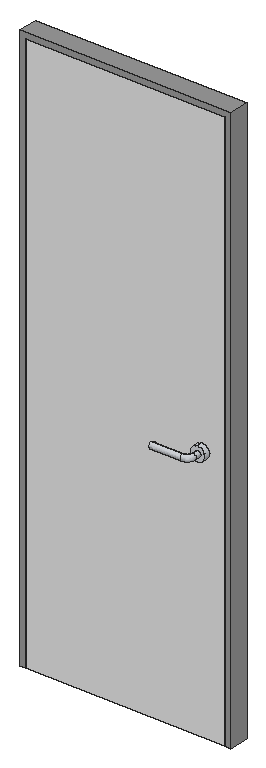
Revit family "- Square", category Doors, host Wall, Revit 2018
Family settings
  Host = Wall
  OmniClass Number = 23.30.10.00
  OmniClass Title = Doors
  Always vertical = Yes
  Cut with Voids When Loaded = No
  Shared = No
  Room Calculation Point = No
Parameters (values of type "- 70 x 200 cm")
  Set de Marcos = ""
  Relleno = ""
  Material Marco = - Perfil Aluminio
  Material Hoja = - HDF Prefinish
  Manilla = - Manilla
  Hojas = "Simple de Abatir"
  Function = Interior
  Frame Projection Ext. = 2.50 cm
  Frame Projection Int. = 2.50 cm
  Frame Width = 7.50 cm
  Height = 200.00 cm
  Wall Closure = By host
  Width = 74.00 cm
  Distancia a Cara Interior = 6.00 cm
  Bisagras = ""
  Ancho Hoja = Width - 4.00 cm  # 70.00 cm
  Ancho = Width  # 74.00 cm
  Analytic Construction = "<None>"
  Alto = Height  # 200.00 cm
Types (12, lengths in cm): name | Material Hoja | Height | Width | Ancho Hoja | Ancho | Alto
  - 70 x 200 cm | - HDF Prefinish | 200.00 | 74.00 | 70.00 | 74.00 | 200.00
  - 75 x 200 cm | none | 200.00 | 79.00 | 75.00 | 79.00 | 200.00
  - 80 x 200 cm | none | 200.00 | 84.00 | 80.00 | 84.00 | 200.00
  - 85 x 200 cm | none | 200.00 | 89.00 | 85.00 | 89.00 | 200.00
  - 90 x 200 cm | none | 200.00 | 94.00 | 90.00 | 94.00 | 200.00
  -100 x 200 cm | none | 200.00 | 104.00 | 100.00 | 104.00 | 200.00
  - 70 x 210 cm | none | 210.00 | 74.00 | 70.00 | 74.00 | 210.00
  - 75 x 210 cm | none | 210.00 | 79.00 | 75.00 | 79.00 | 210.00
  - 80 x 210 cm | none | 210.00 | 84.00 | 80.00 | 84.00 | 210.00
  - 85 x 210 cm | none | 210.00 | 89.00 | 85.00 | 89.00 | 210.00
  - 90 x 210 cm | - HDF Prefinish | 210.00 | 94.00 | 90.00 | 94.00 | 210.00
  - 100 x 210 cm | - HDF Siena | 210.00 | 104.00 | 100.00 | 104.00 | 210.00
Reference planes (cm)
  plane 1: y = 0
  plane 2 "Center (Left/Right)": x = 0
  plane 3 "Left": x = -37
  plane 4 "Right": x = 37
  plane 5: z = 200
  plane 6 "Exterior": y = 7.5
  plane 7 "Interior": y = -7.5
  plane 8: y = -1.5
  plane 9: z = 198
  plane 10: x = -35
  plane 11: x = 35
Forms (cm)
  Sweep 1, solid, material "- Perfil Aluminio" <- "Material Marco"
    path origin (0, 7.5, 0) x (1, 0, 0) y (0, 0, 1)
      loop
        line (37, 0) -> (37, 200) -> (-37, 200) -> (-37, 0)
    profile origin (37, 7.5, 100) x (-1, 0, 0) y (0, -1, 0)
      loop
        line (0, 2) -> (3, 2) -> (3, 4.3) -> (2, 4.3) -> (2, 9) -> (0, 9) -> (0, 2)
  Extrusion 2, solid, material "- HDF Prefinish" <- "Material Hoja"
    sketch origin (0, 0, 0) x (1, 0, 0) y (0, 1, 0)
      loop
        line (-35, -1.5) -> (35, -1.5) -> (35, 3) -> (-35, 3) -> (-35, -1.5)
    from 0 to 198
  Sweep 3, solid, material "- Manilla" <- "Manilla", not visible
    path origin (5.8483, -7.5601, 0) x (1, 0, 0) y (0, 1, 0)
      loop
        line (22.1517, 15.0613) -> (32.1517, 15.0613)
        arc (32.1517, 15.0613) -> (33.5659, 14.4756) -> (34.1517, 13.0613) r 2
        line (34.1517, 13.0613) -> (34.1517, 11.0613)
    profile origin (33, 7.5012, 0) x (0, 1, 0) y (0, 0, 1)
      loop
        circle (0, 90) r 1
  Extrusion 4, solid, material "- Manilla" <- "Manilla", not visible
    sketch origin (0, 7.5, 0) x (1, 0, 0) y (0, 0, 1)
      loop
        circle (40, 90) r 2.5
    from 3.9988 to 5
Lines and regions (cm)
  Opening 1
    outline origin (-305, -7.5, 0) x (1, 0, 0) y (0, 0, 1)
      loop
        line (268, 0) -> (342, 0) -> (342, 200) -> (268, 200) -> (268, 0)
  symbolic lines, style "Elevation Swing"
    curve 1: line (37, -7.5, 100) -> (-37, -7.5, 200)
    curve 2: line (37, -7.5, 100) -> (-37, -7.5, 0)
    curve 7: arc (-30.5, -71.5, 0) -> (16.4246, -49.6941, 0) -> (35.2596, -1.5001, 0) r 69.4706
  symbolic lines
    curve 3: line (-35, -1.5, 0) -> (-35, -71.5, 0)
    curve 4: line (-30.5, -1.5, 0) -> (-35, -1.5, 0)
    curve 5: line (-30.5, -71.5, 0) -> (-30.5, -1.5, 0)
    curve 6: line (-35, -71.5, 0) -> (-30.5, -71.5, 0)
  model lines, not visible
    curve 8: line (-20, 3, 25) -> (20, 3, 25)
    curve 9: line (-20, 3, 65) -> (-20, 3, 25)
    curve 10: line (20, 3, 65) -> (8.6603, 3, 65)
    curve 11: line (20, 3, 25) -> (20, 3, 65)
    curve 12: line (-20, 3, 75) -> (-8.6603, 3, 75)
    curve 13: line (-20, 3, 75) -> (-20, 3, 169.9666)
    curve 14: line (20, 3, 75) -> (20, 3, 169.9666)
    curve 15: arc (-8.6603, 3, 65) -> (0, 3, 60) -> (8.6603, 3, 65) r 10
    curve 16: line (8.6603, 3, 75) -> (20, 3, 75)
    curve 17: line (-8.6603, 3, 65) -> (-20, 3, 65)
    curve 18: arc (8.6603, 3, 75) -> (0, 3, 80) -> (-8.6603, 3, 75) r 10
    curve 19: arc (14.9666, 3, 175) -> (0, 3, 183) -> (-14.9666, 3, 175) r 18
    curve 20: arc (-20, 3, 169.9666) -> (-16.4409, 3, 171.4409) -> (-14.9666, 3, 175) r 5.0334
    curve 21: arc (14.9666, 3, 175) -> (16.4409, 3, 171.4409) -> (20, 3, 169.9666) r 5.0334
    curve 22: line (-9.2195, 3, 64) -> (-19, 3, 64)
    curve 23: line (-19, 3, 64) -> (-19, 3, 26)
    curve 24: arc (9.2195, 3, 64) -> (0, 3, 59) -> (-9.2195, 3, 64) r 11
    curve 25: line (19, 3, 64) -> (9.2195, 3, 64)
    curve 26: line (19, 3, 26) -> (19, 3, 64)
    curve 27: line (-19, 3, 26) -> (19, 3, 26)
    curve 28: line (-18.9928, 3, 168.9932) -> (-18.9928, 3, 76)
    curve 29: arc (-13.9941, 3, 174.9045) -> (-15.4113, 3, 171.0338) -> (-18.9928, 3, 168.9932) r 5.9946
    curve 30: arc (13.9971, 3, 174.7848) -> (0.0327, 3, 182.1538) -> (-13.9941, 3, 174.9045) r 17.0542
    curve 31: arc (19, 3, 169.1276) -> (15.4988, 3, 171.072) -> (13.9971, 3, 174.7848) r 6.0089
    curve 32: line (19, 3, 76) -> (19, 3, 169.1276)
    curve 33: line (9.2195, 3, 76) -> (19, 3, 76)
    curve 34: arc (-9.2195, 3, 76) -> (0, 3, 81) -> (9.2195, 3, 76) r 11
    curve 35: line (-18.9928, 3, 76) -> (-9.2195, 3, 76)
    curve 36: arc (12.052, 3, 174.0667) -> (0.0498, 3, 180.1537) -> (-12.0243, 3, 174.2107) r 15.0542
    curve 37: arc (-12.0243, 3, 174.2107) -> (-13.561, 3, 170.1508) -> (-16.9928, 3, 167.4925) r 7.9946
    curve 38: line (-16.9928, 3, 167.4925) -> (-16.9928, 3, 78)
    curve 39: line (17, 3, 78) -> (17, 3, 167.6269)
    curve 40: arc (17, 3, 167.6269) -> (13.6492, 3, 170.1731) -> (12.052, 3, 174.0667) r 8.0089
    curve 41: line (-16.9928, 3, 78) -> (-10.247, 3, 78)
    curve 42: arc (-10.247, 3, 78) -> (0, 3, 83) -> (10.247, 3, 78) r 13
    curve 43: line (10.247, 3, 78) -> (17, 3, 78)
    curve 44: line (-10.247, 3, 62) -> (-17, 3, 62)
    curve 45: arc (10.247, 3, 62) -> (0, 3, 57) -> (-10.247, 3, 62) r 13
    curve 46: line (17, 3, 62) -> (10.247, 3, 62)
    curve 47: line (17, 3, 28) -> (17, 3, 62)
    curve 48: line (-17, 3, 28) -> (17, 3, 28)
    curve 49: line (-17, 3, 62) -> (-17, 3, 28)
    curve 50: line (-314, -1.5, 25) -> (-274, -1.5, 25)
    curve 51: line (-314, -1.5, 65) -> (-314, -1.5, 25)
    curve 52: line (-274, -1.5, 25) -> (-274, -1.5, 65)
    curve 53: line (-314, -1.5, 70) -> (-274, -1.5, 70)
    curve 54: line (-314, -1.5, 70) -> (-314, -1.5, 87)
    curve 55: line (-274, -1.5, 70) -> (-274, -1.5, 87)
    curve 56: line (-274, -1.5, 65) -> (-314, -1.5, 65)
    curve 57: line (-275, -1.5, 64) -> (-313, -1.5, 64)
    curve 58: line (-313, -1.5, 64) -> (-313, -1.5, 26)
    curve 59: line (-275, -1.5, 26) -> (-275, -1.5, 64)
    curve 60: line (-313, -1.5, 26) -> (-275, -1.5, 26)
    curve 61: line (-312.9928, -1.5, 86) -> (-312.9928, -1.5, 71)
    curve 62: line (-275, -1.5, 71) -> (-275, -1.5, 86)
    curve 63: line (-312.9928, -1.5, 71) -> (-275, -1.5, 71)
    curve 64: line (-310.9928, -1.5, 84) -> (-310.9928, -1.5, 73)
    curve 65: line (-277, -1.5, 73) -> (-277, -1.5, 84)
    curve 66: line (-310.9928, -1.5, 73) -> (-277, -1.5, 73)
    curve 67: line (-277, -1.5, 62) -> (-311, -1.5, 62)
    curve 68: line (-277, -1.5, 28) -> (-277, -1.5, 62)
    curve 69: line (-311, -1.5, 28) -> (-277, -1.5, 28)
    curve 70: line (-311, -1.5, 62) -> (-311, -1.5, 28)
    curve 71: line (-310.9928, -1.5, 84) -> (-277, -1.5, 84)
    curve 72: line (-314, -1.5, 87) -> (-274, -1.5, 87)
    curve 73: line (-312.9928, -1.5, 86) -> (-275, -1.5, 86)
    curve 74: line (-310.9928, -1.5, 84) -> (-277, -1.5, 84)
    curve 75: line (-314, -1.5, 97) -> (-274, -1.5, 97)
    curve 76: line (-314, -1.5, 185) -> (-314, -1.5, 97)
    curve 77: line (-274, -1.5, 97) -> (-274, -1.5, 185)
    curve 78: line (-274, -1.5, 185) -> (-314, -1.5, 185)
    curve 79: line (-275, -1.5, 184) -> (-313, -1.5, 184)
    curve 80: line (-313, -1.5, 184) -> (-313, -1.5, 98)
    curve 81: line (-275, -1.5, 98) -> (-275, -1.5, 184)
    curve 82: line (-313, -1.5, 98) -> (-275, -1.5, 98)
    curve 83: line (-277, -1.5, 182) -> (-311, -1.5, 182)
    curve 84: line (-277, -1.5, 100) -> (-277, -1.5, 182)
    curve 85: line (-311, -1.5, 100) -> (-277, -1.5, 100)
    curve 86: line (-311, -1.5, 182) -> (-311, -1.5, 100)
    curve 87: line (-320, 3, 25) -> (-280, 3, 25)
    curve 88: line (-320, 3, 65) -> (-320, 3, 25)
    curve 89: line (-280, 3, 25) -> (-280, 3, 65)
    curve 90: line (-320, 3, 72.5) -> (-280, 3, 72.5)
    curve 91: line (-280, 3, 65) -> (-320, 3, 65)
    curve 92: line (-281, 3, 64) -> (-319, 3, 64)
    curve 93: line (-319, 3, 64) -> (-319, 3, 26)
    curve 94: line (-281, 3, 26) -> (-281, 3, 64)
    curve 95: line (-319, 3, 26) -> (-281, 3, 26)
    curve 96: line (-319, 3, 73.5) -> (-281, 3, 73.5)
    curve 97: line (-317, 3, 75.5) -> (-283, 3, 75.5)
    curve 98: line (-283, 3, 62) -> (-317, 3, 62)
    curve 99: line (-283, 3, 28) -> (-283, 3, 62)
    curve 100: line (-317, 3, 28) -> (-283, 3, 28)
    curve 101: line (-317, 3, 62) -> (-317, 3, 28)
    curve 102: line (-320, 3, 179.3431) -> (-320, 3, 72.5)
    curve 103: line (-280, 3, 72.5) -> (-280, 3, 179.3431)
    curve 104: line (-319, 3, 178.3431) -> (-319, 3, 73.5)
    curve 105: line (-281, 3, 73.5) -> (-281, 3, 178.3431)
    curve 106: line (-283, 3, 75.5) -> (-283, 3, 176.3431)
    curve 107: line (-317, 3, 176.3431) -> (-317, 3, 75.5)
    curve 108: arc (-292, 3, 181) -> (-300, 3, 185) -> (-308, 3, 181) r 10
    curve 109: arc (-292, 3, 181) -> (-290.1648, 3, 179.7737) -> (-288, 3, 179.3431) r 5.6569
    curve 110: arc (-308, 3, 181) -> (-309.8352, 3, 179.7737) -> (-312, 3, 179.3431) r 5.6569
    curve 111: line (-288, 3, 179.3431) -> (-280, 3, 179.3431)
    curve 112: line (-312, 3, 179.3431) -> (-320, 3, 179.3431)
    curve 113: line (-281, 3, 178.3431) -> (-288, 3, 178.3431)
    curve 114: arc (-288, 3, 178.3431) -> (-290.5825, 3, 178.8645) -> (-292.7604, 3, 180.3468) r 6.6569
    curve 115: arc (-292.7604, 3, 180.3468) -> (-300, 3, 184) -> (-307.2396, 3, 180.3468) r 9
    curve 116: arc (-307.2396, 3, 180.3468) -> (-309.4175, 3, 178.8645) -> (-312, 3, 178.3431) r 6.6569
    curve 117: line (-312, 3, 178.3431) -> (-319, 3, 178.3431)
    curve 118: line (-283, 3, 176.3431) -> (-288, 3, 176.3431)
    curve 119: arc (-288, 3, 176.3431) -> (-291.43, 3, 177.0516) -> (-294.2985, 3, 179.0611) r 8.6569
    curve 120: arc (-294.2985, 3, 179.0611) -> (-300, 3, 182) -> (-305.7015, 3, 179.0611) r 7
    curve 121: arc (-305.7015, 3, 179.0611) -> (-308.57, 3, 177.0516) -> (-312, 3, 176.3431) r 8.6569
    curve 122: line (-312, 3, 176.3431) -> (-317, 3, 176.3431)
    curve 130: line (300, -1.5, 25) -> (344, -1.5, 25)
    curve 131: line (300, -1.5, 65) -> (300, -1.5, 25)
    curve 132: line (344, -1.5, 25) -> (344, -1.5, 65)
    curve 133: line (300, -1.5, 77.5) -> (344, -1.5, 77.5)
    curve 134: line (344, -1.5, 65) -> (300, -1.5, 65)
    curve 135: line (300, -1.5, 185) -> (300, -1.5, 77.5)
    curve 136: line (344, -1.5, 77.5) -> (344, -1.5, 185)
    curve 144: line (304, 3, 25) -> (348, 3, 25)
    curve 145: line (304, 3, 65) -> (304, 3, 25)
    curve 146: line (348, 3, 25) -> (348, 3, 65)
    curve 147: line (304, 3, 77.5) -> (348, 3, 77.5)
    curve 148: line (348, 3, 65) -> (304, 3, 65)
    curve 149: line (304, 3, 185) -> (304, 3, 77.5)
    curve 150: line (348, 3, 77.5) -> (348, 3, 185)
    curve 152: line (348, 3, 185) -> (304, 3, 185)
    curve 154: line (300, -1.5, 185) -> (344, -1.5, 185)
  model lines
    curve 123: line (-22, -1.5, 25) -> (22, -1.5, 25)
    curve 124: line (-22, -1.5, 65) -> (-22, -1.5, 25)
    curve 125: line (22, -1.5, 25) -> (22, -1.5, 65)
    curve 126: line (-22, -1.5, 77.5) -> (22, -1.5, 77.5)
    curve 127: line (22, -1.5, 65) -> (-22, -1.5, 65)
    curve 128: line (-22, -1.5, 185) -> (-22, -1.5, 77.5)
    curve 129: line (22, -1.5, 77.5) -> (22, -1.5, 185)
    curve 137: line (-22, 3, 25) -> (22, 3, 25)
    curve 138: line (-22, 3, 65) -> (-22, 3, 25)
    curve 139: line (22, 3, 25) -> (22, 3, 65)
    curve 140: line (-22, 3, 77.5) -> (22, 3, 77.5)
    curve 141: line (22, 3, 65) -> (-22, 3, 65)
    curve 142: line (-22, 3, 185) -> (-22, 3, 77.5)
    curve 143: line (22, 3, 77.5) -> (22, 3, 185)
    curve 151: line (22, 3, 185) -> (-22, 3, 185)
    curve 153: line (-22, -1.5, 185) -> (22, -1.5, 185)
Text (cm)
  text "Exterior" at (-229.5016, 109.9543, 0), in view "Ref. Level"
  text "Exterior" at (0, 161.538, 369.8081), in view "Left"
  text "Exterior" at (0, 103.6032, 387.4932), in view "Right"
Dimensions and locks (cm)
  equal spacing: plane 3 "Left", plane 2 "Center (Left/Right)", plane 4 "Right"
  "Width": plane 3 "Left" to plane 4 "Right"
  "Height": plane 5 to host wall
  equal spacing: host wall, curve 2, plane 5
  host wall to plane 5 = 200.00 cm
  locked: plane 6 "Exterior" to host wall at 0
  locked: plane 7 "Interior" to host wall
  "Distancia a Cara Interior": plane 7 "Interior" to plane 8
  locked: Sweep 1 sketch curve to Sweep 1 sketch curve at 7
  locked: plane 9 to plane 5 at 2
  locked: curve 3 to curve 5 at 4.5
  locked: plane 3 "Left" to plane 10 at 2
  locked: plane 11 to plane 4 "Right" at 2
  "Ancho Hoja": curve 6 to curve 4
  locked: Extrusion 2 sketch curve to Extrusion 2 sketch curve at 4.5
  locked: nested 1 to plane 4 "Right" at 10
  level to nested 1 = 90.00 cm
  locked: nested 2 to plane 4 "Right" at 10
  locked: nested 2 to level at 90
  locked: Sweep 1 sketch curve to Sweep 1 sketch curve at 2.3
  locked: curve 125 to plane 2 "Center (Left/Right)" at 22
  locked: plane 2 "Center (Left/Right)" to curve 138 at 22
  locked: Extrusion 2 to curve 151 at 185
  locked: curve 153 to Extrusion 2 at 185
  aligned and locked: plane 3 "Left" to Opening 1 sketch curve
  aligned and locked: plane 5 to Opening 1 sketch curve  (x2)
  aligned and locked: Opening 1 sketch curve to plane 4 "Right"
  aligned and locked: Opening 1 sketch curve to level
  aligned and locked: plane 5 to curve 1
  aligned and locked: plane 3 "Left" to curve 2
  aligned and locked: plane 1 to host wall
  aligned and locked: plane 3 "Left" to curve 1
  aligned and locked: plane 8 to Sweep 1 sketch curve
  aligned and locked: Extrusion 2 sketch curve to plane 8
  aligned and locked: Sweep 1 to level
  aligned and locked: plane 10 to curve 3
  aligned and locked: Sweep 3 to Extrusion 4
  aligned and locked: Extrusion 2 to plane 9
Automatic sketch dimensions
  plane 4 "Right" to curve 2 = 0.00 cm
  curve 2 to level = 0.00 cm
  plane 3 "Left" to Sweep 1 sketch curve = 0.00 cm
  plane 4 "Right" to Sweep 1 sketch curve = 0.00 cm
  Sweep 1 sketch curve to level = 0.00 cm  (x2)
  Sweep 1 sketch curve to plane 5 = 0.00 cm
  Sweep 1 sketch curve to profile plane = 0.00 cm
  Sweep 1 sketch curve to profile plane = 2.00 cm
  Sweep 1 sketch curve to Sweep 1 sketch curve = 1.00 cm
  curve 7 to plane 8 = 0.0001 cm
  curve 7 to plane 11 = 0.2596 cm
  curve 4 to plane 8 = 0.00 cm
  curve 7 to plane 10 = 0.7919 cm
  Sweep 3 sketch curve to Sweep 3 sketch curve = 10.00 cm
  Sweep 3 sketch curve to Sweep 3 sketch curve = 2.00 cm  (x2)
  Sweep 3 sketch curve to profile plane = 0.00 cm
  profile plane to Sweep 3 sketch curve = 90.00 cm
  Extrusion 2 sketch curve to plane 10 = 0.00 cm
  Extrusion 2 sketch curve to plane 11 = 0.00 cm
  curve 15 to curve 18 = 0.00 cm  (x4)
  curve 15 to curve 24 = 0.00 cm  (x4)
  curve 15 to curve 34 = 0.00 cm  (x4)
  curve 15 to curve 42 = 0.00 cm  (x4)
  curve 15 to curve 45 = 0.00 cm  (x4)
  curve 29 to curve 37 = 0.00 cm  (x4)
  curve 30 to curve 36 = 0.00 cm  (x4)
  curve 31 to curve 40 = 0.00 cm  (x4)
  curve 8 to curve 31 = 0.00 cm
  curve 21 to curve 31 = 0.00 cm
  curve 14 to curve 32 = 1.00 cm
  curve 10 to curve 26 = 1.00 cm
  curve 26 to curve 47 = 2.00 cm
  curve 32 to curve 39 = 2.00 cm
  curve 46 to curve 46 = 6.753 cm
  curve 39 to curve 43 = 6.753 cm
  curve 42 to curve 33 = 1.0274 cm
  curve 45 to curve 25 = 1.0274 cm
  curve 33 to curve 16 = 0.5593 cm
  curve 24 to curve 10 = 0.5593 cm
  curve 16 to curve 24 = 8.6603 cm
  curve 39 to curve 19 = 17.00 cm
  curve 19 to curve 36 = 0.0402 cm
  curve 15 to curve 12 = 8.6603 cm
  curve 15 to curve 17 = 8.6603 cm
  curve 15 to curve 22 = 0.5593 cm
  curve 12 to curve 35 = 0.5593 cm
  curve 22 to curve 44 = 1.0274 cm
  curve 34 to curve 41 = 1.0274 cm
  curve 41 to curve 38 = 6.7459 cm
  curve 47 to curve 48 = 34.00 cm
  curve 38 to curve 35 = 2.00 cm
  curve 44 to curve 22 = 2.00 cm
  curve 28 to curve 29 = 0.9959 cm
  curve 29 to curve 20 = 0.0113 cm
  curve 22 to curve 17 = 1.00 cm
  curve 8 to curve 26 = 1.00 cm
  curve 23 to curve 49 = 2.00 cm
  curve 48 to curve 49 = 34.00 cm
  curve 45 to curve 25 = 2.00 cm
  curve 25 to curve 10 = 1.00 cm
  curve 10 to curve 45 = 5.00 cm
  curve 10 to curve 16 = 10.00 cm
  curve 12 to curve 35 = 1.00 cm
  curve 34 to curve 41 = 2.00 cm
  curve 41 to curve 19 = 87.00 cm
  curve 19 to curve 30 = 0.0997 cm
  curve 36 to curve 38 = 2.3928 cm
  curve 19 to curve 39 = 2.6269 cm
  curve 37 to curve 28 = 1.5007 cm
  curve 39 to curve 32 = 1.5007 cm
  curve 28 to curve 13 = 0.9734 cm
  curve 31 to curve 14 = 0.839 cm
  curve 13 to curve 29 = 4.9378 cm
  curve 29 to curve 20 = 0.0955 cm
  curve 21 to curve 40 = 0.0527 cm
  curve 31 to curve 36 = 1.9451 cm
  curve 55 to curve 62 = 1.4142 cm
  curve 59 to curve 68 = 2.8284 cm
  curve 62 to curve 65 = 2.8284 cm
  curve 53 to curve 63 = 1.4142 cm
  curve 57 to curve 67 = 2.8284 cm
  curve 66 to curve 64 = 33.9928 cm
  curve 68 to curve 69 = 34.00 cm
  curve 64 to curve 63 = 2.8284 cm
  curve 67 to curve 57 = 2.8284 cm
  curve 57 to curve 56 = 1.4142 cm
  curve 50 to curve 59 = 1.4142 cm
  curve 58 to curve 70 = 2.8284 cm
  curve 69 to curve 70 = 34.00 cm  (x2)
  curve 53 to curve 63 = 1.4193 cm
  curve 65 to curve 62 = 2.8284 cm
  curve 61 to curve 54 = 1.4193 cm
  curve 18 to curve 24 = 0.00 cm  (x2)
  curve 18 to curve 34 = 0.00 cm  (x2)
  curve 18 to curve 42 = 0.00 cm  (x2)
  curve 18 to curve 45 = 0.00 cm  (x2)
  curve 24 to curve 34 = 0.00 cm  (x2)
  curve 24 to curve 42 = 0.00 cm  (x2)
  curve 24 to curve 45 = 0.00 cm  (x2)
  curve 34 to curve 42 = 0.00 cm  (x2)
  curve 34 to curve 45 = 0.00 cm  (x2)
  curve 42 to curve 45 = 0.00 cm  (x2)
  curve 72 to curve 51 = 0.00 cm
  curve 75 to curve 54 = 0.00 cm
  curve 76 to curve 79 = 1.00 cm
  curve 51 to curve 57 = 1.00 cm
  curve 53 to curve 63 = 1.0072 cm
  curve 79 to curve 86 = 2.00 cm
  curve 58 to curve 70 = 2.00 cm
  curve 61 to curve 66 = 2.00 cm
  curve 64 to curve 65 = 33.9928 cm
  curve 69 to curve 69 = 34.00 cm
  curve 85 to curve 65 = 0.00 cm
  curve 68 to curve 60 = 2.00 cm
  curve 65 to curve 63 = 2.00 cm
  curve 84 to curve 82 = 2.00 cm
  curve 62 to curve 55 = 1.00 cm
  curve 57 to curve 56 = 1.00 cm  (x2)
  curve 79 to curve 78 = 1.00 cm  (x2)
  curve 50 to curve 59 = 1.00 cm
  curve 59 to curve 68 = 2.00 cm
  curve 67 to curve 57 = 2.00 cm
  curve 52 to curve 53 = 5.00 cm
  curve 53 to curve 63 = 1.00 cm
  curve 62 to curve 66 = 2.00 cm
  curve 65 to curve 71 = 11.00 cm
  curve 65 to curve 62 = 2.00 cm
  curve 62 to curve 72 = 1.00 cm
  curve 55 to curve 75 = 10.00 cm
  curve 75 to curve 82 = 1.00 cm
  curve 81 to curve 84 = 2.00 cm
  curve 84 to curve 84 = 82.00 cm
  curve 83 to curve 79 = 2.00 cm
  curve 87 to curve 90 = 0.00 cm
  curve 103 to curve 105 = 1.00 cm
  curve 89 to curve 92 = 1.00 cm
  curve 105 to curve 106 = 2.00 cm
  curve 92 to curve 99 = 2.00 cm
  curve 98 to curve 98 = 34.00 cm
  curve 106 to curve 107 = 34.00 cm
  curve 97 to curve 96 = 2.00 cm
  curve 98 to curve 92 = 2.00 cm
  curve 96 to curve 102 = 1.00 cm
  curve 92 to curve 91 = 1.00 cm
  curve 87 to curve 94 = 1.00 cm
  curve 94 to curve 99 = 2.00 cm
  curve 100 to curve 101 = 34.00 cm
  curve 98 to curve 93 = 2.00 cm
  curve 92 to curve 89 = 1.00 cm
  curve 89 to curve 103 = 7.50 cm
  curve 90 to curve 105 = 1.00 cm
  curve 96 to curve 106 = 2.00 cm
  curve 97 to curve 107 = 100.8431 cm
  curve 106 to curve 107 = 0.00 cm
  curve 106 to curve 105 = 2.00 cm
  curve 105 to curve 103 = 1.00 cm
  curve 123 to curve 126 = 52.50 cm
  curve 125 to curve 129 = 12.50 cm
  curve 130 to curve 133 = 52.50 cm
  curve 132 to curve 136 = 12.50 cm
  curve 108 to curve 115 = 0.00 cm  (x4)
  curve 108 to curve 120 = 0.00 cm  (x4)
  curve 109 to curve 114 = 0.00 cm  (x3)
  curve 109 to curve 119 = 0.00 cm  (x4)
  curve 110 to curve 116 = 0.00 cm  (x3)
  curve 110 to curve 121 = 0.00 cm  (x3)
  curve 114 to curve 119 = 0.00 cm  (x3)
  curve 116 to curve 121 = 0.00 cm  (x4)
  curve 106 to curve 111 = 5.00 cm
  curve 118 to curve 115 = 12.00 cm
  curve 110 to curve 104 = 7.00 cm
  curve 115 to curve 106 = 1.3431 cm
  curve 122 to curve 117 = 2.00 cm
  curve 117 to curve 112 = 1.00 cm
  curve 110 to curve 121 = 5.6569 cm
  curve 111 to curve 109 = 5.6569 cm
  curve 109 to curve 109 = 4.00 cm
  curve 108 to curve 115 = 0.7604 cm
  curve 115 to curve 119 = 1.5381 cm
  curve 115 to curve 120 = 0.00 cm  (x2)
  curve 137 to curve 140 = 52.50 cm
  curve 139 to curve 143 = 12.50 cm  (x3)
  curve 142 to curve 138 = 120.00 cm
  curve 144 to curve 147 = 52.50 cm
  curve 146 to curve 150 = 12.50 cm  (x3)
  curve 149 to curve 145 = 120.00 cm
  curve 137 to curve 140 = 0.00 cm
  curve 144 to curve 147 = 0.00 cm
  curve 153 to curve 124 = 0.00 cm
  curve 124 to curve 128 = 12.50 cm
  curve 154 to curve 131 = 0.00 cm
  curve 131 to curve 135 = 12.50 cm
  curve 129 to curve 125 = 0.00 cm
  curve 126 to curve 129 = 107.50 cm
  curve 124 to curve 125 = 44.00 cm
  curve 123 to curve 124 = 40.00 cm
  curve 136 to curve 132 = 0.00 cm
  curve 133 to curve 136 = 107.50 cm
  curve 131 to curve 132 = 44.00 cm
  curve 130 to curve 131 = 40.00 cm
  curve 143 to curve 142 = 44.00 cm
  curve 140 to curve 143 = 107.50 cm
  curve 141 to curve 140 = 0.00 cm
  curve 137 to curve 138 = 40.00 cm
  curve 150 to curve 149 = 44.00 cm
  curve 147 to curve 150 = 107.50 cm
  curve 148 to curve 147 = 0.00 cm
  curve 144 to curve 145 = 40.00 cm
  radius of Sweep 3 sketch curve = 1.00 cm
  radius of Extrusion 4 sketch curve = 2.50 cm
Nested families (cm)
  nested 1: "- Manilla Generica Puerta" at (27, 3, 90) x (0, 0, -1) z (0, 1, 0), type "- Manilla Generica Puerta"
  nested 2: "- Manilla Generica Puerta" at (27, -1.5, 90) x (0, 0, -1) z (0, -1, 0), type "- Manilla Generica Puerta"
Definition of nested family "- Manilla Generica Puerta"
  Parameters (values of type "- Manilla Generica Puerta")
    Manilla = none
    Default Elevation = 121.92 cm
  Reference planes (cm)
    plane 1 "Center (Front/Back)": y = 0
    plane 2: z = 0
    plane 3 "Center (Left/Right)": x = 0
    plane 4: z = 2
  Forms (cm)
    Extrusion 1, solid
      sketch origin (0, 0, 0) x (1, 0, 0) y (0, 1, 0)
        loop
          line (-121.92, 121.92) -> (-121.92, -121.92) -> (121.92, -121.92) -> (121.92, 121.92) -> (-121.92, 121.92)
      from 0 to -30.48
    Extrusion 2, solid, material <- "Manilla"
      sketch origin (0, 0, 0) x (1, 0, 0) y (0, 1, 0)
        loop
          circle (0, 0) r 2.5
      from 0 to 2
    Sweep 3, solid, material <- "Manilla"
      path origin (0, 0, 0) x (0, 1, 0) y (0, 0, 1)
        loop
          line (0, 2) -> (0, 4)
          arc (0, 4) -> (0.5858, 5.4142) -> (2, 6) r 2
          line (2, 6) -> (13, 6)
      profile origin (0, 0, 3) x (0, -1, 0) y (1, 0, 0)
        loop
          circle (0, 0) r 1
  Dimensions and locks (cm)
    locked: Extrusion 2 to Extrusion 2 at 2
    locked: plane 4 to level at 2
    aligned and locked: plane 2 to Extrusion 1
    aligned and locked: level to Extrusion 1
    aligned and locked: plane 4 to Sweep 3
